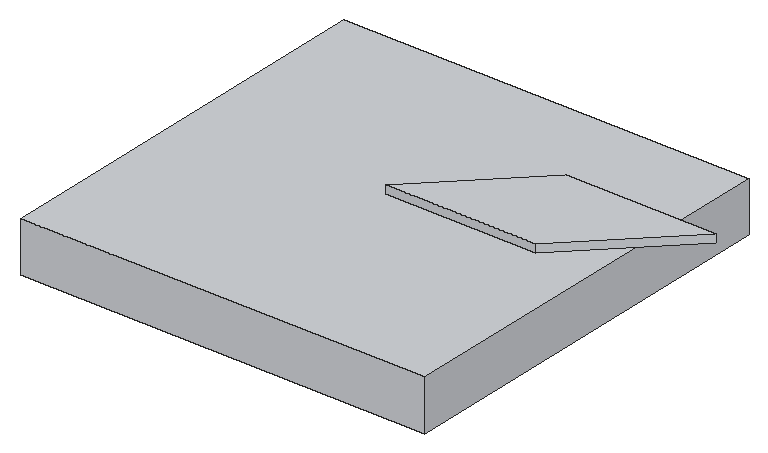
Revit family
Parameters
  Width = 2' - 0"
  URL = "www.coldspringgranite.com"
  TypicalJointSize = 0' - 0 1/4"
  StoneMaterial = none
  SplayLength = 2' - 0"
  SettingSpace = SettingBed + Height  # 0' - 3"
  SettingBed = 0' - 1"
  Product Name = "Paving Stone Panels in Parallelogram Shape"
  Product Documentation Link = "http://www.coldspringgranite.com/BIM_Families/Family_Detail/Paving_Stone_Panels_in_Parallelogram_Shape/"
  PhoneNumber = "800-551-7502"
  Notes = ""
  Model = "N/A"
  Manufacturer = "Cold Spring Granite Company"
  Low Emitting Material = yes
  Low Emitting Finish = yes
  Location = "17482 Granite West Road, Cold Spring, MN 56320-4578"
  Length = 5' - 0"
  LEED Credit = ""
  Keynote = "096340"
  JointTopOff = no
  JointTop = if(JointTopOff, 0' 0", TypicalJointSize / 2)  # 0' - 0 1/8"
  JointRightOff = no
  JointRight = if(JointRightOff, 0' 0", TypicalJointSize / 2)  # 0' - 0 1/8"
  JointLeftOff = no
  JointLeft = if(JointLeftOff, 0' 0", TypicalJointSize / 2)  # 0' - 0 1/8"
  JointBottomOff = no
  JointBottom = if(JointBottomOff, 0' 0", TypicalJointSize / 2)  # 0' - 0 1/8"
  Height = 0' - 2"
  Description = "Stone Floor Paving"
  Default Elevation = 0' - 0"
  Assembly Code = "C3020400"
  ADA Compliant = yes
Reference planes (in)
  plane 1 "Center (Front/Back)": y = 0
  plane 2: z = 0
  plane 3 "Center (Left/Right)": x = 0
  plane 4 "JointTopCenter": y = 24
  plane 5 "StoneBottom": y = 0.125
  plane 6 "StoneTop": y = 23.875
  plane 7 "SplayRight": x = 36
  plane 8 "SplayLeft": x = 24
  plane 9 "StoneRight": x = 60
  plane 10 "StoneBack": z = 1
  plane 11 "StoneFace": z = 3
Forms (in)
  Extrusion 1, solid
    sketch origin (0, 0, 0) x (1, 0, 0) y (0, 1, 0)
      loop
        line (-48, 48) -> (-48, -48) -> (48, -48) -> (48, 48) -> (-48, 48)
    from 0 to -12
  Extrusion 2, solid, material <- "StoneMaterial", detail levels medium+fine
    sketch origin (0, 0, 0) x (1, 0, 0) y (0, 1, 0)
      loop
        line (0.30178, 0.125) -> (35.94822, 0.125) -> (59.69822, 23.875) -> (24.05178, 23.875) -> (0.30178, 0.125)
    from 1 to 3
  Extrusion 3, solid, material <- "StoneMaterial", detail levels coarse
    sketch origin (0, 0, 0) x (1, 0, 0) y (0, 1, 0)
      loop
        line (0, 0) -> (36, 0) -> (60, 24) -> (24, 24) -> (0, 0)
    from 1 to 3
Lines and regions (in)
  Masking region 1, detail levels coarse
    outline origin (0, 0, 0) x (1, 0, 0) y (0, 1, 0)
      loop
        line (24, 24) -> (0, 0) -> (36, 0) -> (60, 24) -> (24, 24)
  Masking region 2, detail levels medium+fine
    outline origin (0, 0, 0) x (1, 0, 0) y (0, 1, 0)
      loop
        line (59.69822, 23.875) -> (24.05178, 23.875) -> (0.30178, 0.125) -> (35.94822, 0.125) -> (59.69822, 23.875)
  Masking region 3, detail levels coarse
    outline origin (0, 0.125, 0) x (-1, 0, 0) y (0, 0, 1)
      loop
        line (0, 3) -> (-60, 3) -> (-60, 1) -> (0, 1) -> (0, 3)
  Masking region 4, detail levels medium+fine
    outline origin (0, 0.125, 0) x (-1, 0, 0) y (0, 0, 1)
      loop
        line (-0.30178, 3) -> (-35.94822, 3) -> (-35.94822, 1) -> (-0.30178, 1) -> (-0.30178, 3)
  Masking region 5, detail levels medium+fine
    outline origin (0, 0.125, 0) x (-1, 0, 0) y (0, 0, 1)
      loop
        line (-35.94822, 3) -> (-59.69822, 3) -> (-59.69822, 1) -> (-35.94822, 1) -> (-35.94822, 3)
  Masking region 6, detail levels coarse
    outline origin (0, 23.875, 0) x (-1, 0, 0) y (0, 0, 1)
      loop
        line (-60, 3) -> (-60, 1) -> (0, 1) -> (0, 3) -> (-60, 3)
  Masking region 7, detail levels medium+fine
    outline origin (0, 23.875, 0) x (-1, 0, 0) y (0, 0, 1)
      loop
        line (-59.69822, 3) -> (-59.69822, 1) -> (-24.05178, 1) -> (-24.05178, 3) -> (-59.69822, 3)
  Masking region 8, detail levels medium+fine
    outline origin (0, 23.875, 0) x (-1, 0, 0) y (0, 0, 1)
      loop
        line (-24.05178, 3) -> (-24.05178, 1) -> (-0.30178, 1) -> (-0.30178, 3) -> (-24.05178, 3)
  Masking region 9, detail levels coarse
    outline origin (0, 0, 0) x (0, 1, 0) y (0, 0, 1)
      loop
        line (24, 3) -> (0, 3) -> (0, 1) -> (24, 1) -> (24, 3)
  Masking region 10, detail levels medium+fine
    outline origin (0, 0, 0) x (0, 1, 0) y (0, 0, 1)
      loop
        line (23.875, 3) -> (0.125, 3) -> (0.125, 1) -> (23.875, 1) -> (23.875, 3)
  Masking region 11, detail levels coarse
    outline origin (60, 0, 0) x (0, 1, 0) y (0, 0, 1)
      loop
        line (0, 3) -> (0, 1) -> (24, 1) -> (24, 3) -> (0, 3)
  Masking region 12, detail levels medium+fine
    outline origin (60, 0, 0) x (0, 1, 0) y (0, 0, 1)
      loop
        line (0.125, 3) -> (0.125, 1) -> (23.875, 1) -> (23.875, 3) -> (0.125, 3)
  reference lines
    curve 1: line (0, 0, 0) -> (24, 24, 0)
    curve 2: line (36, 0, 0) -> (60, 24, 0)
    curve 3: line (0.07907, -0.09771, 0) -> (24.07907, 23.90229, 0)
    curve 4: line (35.92093, 0.09771, 0) -> (59.92093, 24.09771, 0)
Dimensions and locks (in)
  "JointRight": curve 2 to curve 4
  "JointLeft": curve 3 to curve 1
  "JointTop": plane 4 "JointTopCenter" to plane 6 "StoneTop"
  "Width": plane 4 "JointTopCenter" to plane 1 "Center (Front/Back)"
  "JointBottom": plane 1 "Center (Front/Back)" to plane 5 "StoneBottom"
  "Length": plane 3 "Center (Left/Right)" to plane 9 "StoneRight"
  "SplayLength": plane 7 "SplayRight" to plane 9 "StoneRight"
  "SplayLength": plane 3 "Center (Left/Right)" to plane 8 "SplayLeft"
  "Height": plane 11 "StoneFace" to plane 10 "StoneBack"
  "SettingSpace": plane 11 "StoneFace" to plane 2
  aligned and locked: plane 2 to Extrusion 1
  aligned and locked: level to Extrusion 1
  aligned and locked: plane 4 "JointTopCenter" to curve 1
  aligned and locked: plane 8 "SplayLeft" to curve 1
  aligned and locked: plane 3 "Center (Left/Right)" to curve 1
  aligned and locked: plane 1 "Center (Front/Back)" to curve 1
  aligned and locked: plane 7 "SplayRight" to curve 2
  aligned and locked: plane 1 "Center (Front/Back)" to curve 2
  aligned and locked: plane 9 "StoneRight" to curve 2
  aligned and locked: plane 4 "JointTopCenter" to curve 2
  aligned and locked: curve 3 to Extrusion 2 sketch curve
  aligned and locked: Extrusion 2 sketch curve to plane 6 "StoneTop"
  aligned and locked: curve 4 to Extrusion 2 sketch curve
  aligned and locked: Extrusion 2 sketch curve to plane 5 "StoneBottom"
  aligned and locked: plane 11 "StoneFace" to Extrusion 2
  aligned and locked: plane 10 "StoneBack" to Extrusion 2
  aligned and locked: Extrusion 3 sketch curve to curve 1
  aligned and locked: Extrusion 3 sketch curve to plane 4 "JointTopCenter"
  aligned and locked: Extrusion 3 sketch curve to plane 1 "Center (Front/Back)"
  aligned and locked: Extrusion 3 sketch curve to curve 2
  aligned and locked: plane 10 "StoneBack" to Extrusion 3
  aligned and locked: plane 11 "StoneFace" to Extrusion 3
  aligned and locked: Masking region 1 sketch curve to Extrusion 3  (x4)
  aligned and locked: Masking region 2 sketch curve to Extrusion 2  (x4)
  aligned and locked: Masking region 3 sketch curve to Extrusion 3  (x3)
  aligned and locked: Masking region 3 sketch curve to plane 9 "StoneRight"
  aligned and locked: Extrusion 3 to Masking region 4 sketch curve  (x2)
  aligned and locked: Masking region 4 sketch curve to Extrusion 2  (x2)
  aligned and locked: Masking region 5 sketch curve to Masking region 4
  aligned and locked: Masking region 5 sketch curve to Extrusion 3  (x2)
  aligned and locked: Masking region 5 sketch curve to Extrusion 2
  aligned and locked: Masking region 6 sketch curve to Masking region 3  (x2)
  aligned and locked: Masking region 6 sketch curve to Extrusion 3  (x2)
  aligned and locked: Masking region 7 sketch curve to Masking region 5
  aligned and locked: Masking region 7 sketch curve to Extrusion 3  (x2)
  aligned and locked: Masking region 7 sketch curve to Extrusion 2
  aligned and locked: Masking region 7 to Masking region 8 sketch curve
  aligned and locked: Masking region 8 sketch curve to Masking region 4
  aligned and locked: Masking region 8 sketch curve to Extrusion 3  (x2)
  aligned and locked: Masking region 9 sketch curve to Extrusion 3  (x4)
  aligned and locked: Masking region 10 sketch curve to Extrusion 2  (x2)
  aligned and locked: Masking region 10 sketch curve to Extrusion 3  (x2)
  aligned and locked: Masking region 11 sketch curve to Extrusion 3  (x4)
  aligned and locked: Masking region 12 sketch curve to Extrusion 2  (x2)
  aligned and locked: Masking region 12 sketch curve to Extrusion 3  (x2)
Automatic sketch dimensions
  Extrusion 1 sketch curve to Extrusion 1 sketch curve = 8' - 0"  (x2)
  plane 1 "Center (Front/Back)" to curve 3 = 0' - 0.09771"
  curve 3 to plane 4 "JointTopCenter" = 0' - 0.09771"
  curve 4 to plane 1 "Center (Front/Back)" = 0' - 0.09771"
  plane 4 "JointTopCenter" to curve 4 = 0' - 0.09771"
  Masking region 12 sketch curve to plane 5 "StoneBottom" = 0' - 0"
